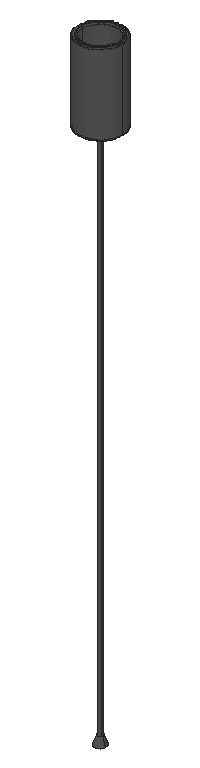
Revit family "CARLO CYLINDER LIGHT Pendant_ Surface", category Lighting Fixtures, host Face, Revit 2020 (continued)
Types (13): name | Wattage_Input | Wattage Comments | Wattage | built-in parameter 1150134 | Size 08 | Size 04 | Photometric Web File | built-in parameter 1150142 | Model | built-in parameter 1150105 | Lumens | built-in parameter 1150107 | built-in parameter 1150106 | Fixture Height | Fixture Diameter | BEAMING ANGLE | Apparent Load
    7877 8.9532 \r\n 9.1145 9.2517 9.3767 9.4854 9.5699 9.6259 9.6499 9.6497 9.6334 9.5968 \r\n 9.5359 9.4549 9.3539 9.249 9.1481 9.0556 8.9916 8.9757 8.9802 9.0287 \r\n 9.2385 \r\n6620.4 6512.7 6337.3 6096.8 5769.4 5375.5 4936.1 4466.6 3990.5 3530.3 \r\n 3082.6 2655.5 2275.3 1953.2 1673.2 1442 1245 1106.6 968.85 870.12 \r\n 798 744.97 703.26 672.02 648.04 628.81 613.25 602.39 593.76 586.82 \r\n 579.71 570.95 562.87 546.78 535.14 520.34 494.26 456.89 411.01 360.96 \r\n 310.92 258.26 206.4 154.38 112.74 71.186 44.383 37.215 33.644 29.231 \r\n 26.16 23.416 21.105 18.898 16.684 14.213 11.945 9.6985 7.8503 6.0416 \r\n 4.5914 3.513 2.7998 2.271 1.8724 1.5956 1.3882 1.2658 1.1643 1.0951 \r\n 1.0141 0.96113 0.89652 0.83165 0.77882 0.71406 0.65722 0.60045 0.53162 0.47878 \r\n 0.41802 0.3572 0.29638 0.24375 0.19104 0.14234 0.097701 0.049082 0.00042468 0 \r\n 0 0 0 0 0 0 0 0 0 0 \r\n 0 0 0 0.0040221 0.016123 0.036335 0.068596 0.10103 0.12544 0.16182 \r\n 0.19429 0.24281 0.2794 0.33198 0.37665 0.42527 0.48198 0.53458 0.5913 0.6561 \r\n 0.72499 0.78589 0.86278 0.93178 1.0088 1.0938 1.179 1.2682 1.3692 1.4786 \r\n 1.5921 1.7337 1.8756 2.0336 2.2159 2.4064 2.6211 2.8521 3.1073 3.3668 \r\n 3.6537 3.9496 4.2657 4.594 4.9265 5.267 5.6036 5.9441 6.2727 6.593 \r\n 6.9013 7.1966 7.4725 7.7201 7.9594 8.1826 8.3815 8.5761 8.7547 8.917 \r\n 9.0752 9.2172 9.3427 9.4483 9.5336 9.5907 9.6394 9.6599 9.6561 9.6561 \r\n 9.5998 9.5148 9.4055 9.2924 9.1748 9.0813 9.0121 8.9834 8.9791 8.9952 \r\n 9.2385 \r\n6620.4 6527.5 6352.6 6114.2 5796.5 5411.3 4977.4 4516.1 4039.7 3576.4 \r\n 3129.5 2708.5 2319.2 1988.7 1717.6 1478.2 1278.2 1132.8 988.14 888.06 \r\n 811.76 753.51 712.13 679.48 654.33 634.41 619.95 607.71 598.43 590.08 \r\n 583.94 576.35 568.15 550.54 536.99 522.64 497.14 461.98 417.44 368.86 \r\n 318.62 263.94 213.63 161.03 119.67 78.454 51.126 40.2 34.504 29.367 \r\n 26.336 23.333 21.212 18.927 16.952 14.613 12.095 9.8084 7.9665 6.1841 \r\n 4.7072 3.6588 2.8811 2.3213 1.8931 1.6225 1.4125 1.2851 1.1938 1.1186 \r\n 1.0435 0.9802 0.91716 0.85785 0.79468 0.73537 0.68002 0.6169 0.55759 0.49051 \r\n 0.42726 0.37186 0.31264 0.26134 0.20218 0.15462 0.10331 0.059757 0.00068001 0 \r\n 0 0 0 0 0 0 0 0 0 0 \r\n 0 0 0 0.0039081 0.023495 0.051069 0.07865 0.11801 0.14581 0.18127 \r\n 0.22854 0.26814 0.31937 0.37073 0.42209 0.47736 0.53267 0.59563 0.65494 0.722 \r\n 0.78526 0.85628 0.92349 1.0024 1.0814 1.1721 1.2552 1.3499 1.4561 1.5745 \r\n 1.7125 1.8547 2.0087 2.1823 2.3834 2.5966 2.8295 3.0783 3.3545 3.6428 \r\n 3.946 4.2658 4.5898 4.9332 5.2692 5.605 5.9447 6.2766 6.6007 6.909 \r\n 7.2016 7.4619 7.7305 7.964 8.1776 8.3753 8.5533 8.7194 8.8775 9.016 \r\n 9.1504 9.2808 9.3874 9.4941 9.5773 9.6525 9.7041 9.7282 9.7402 9.7442 \r\n 9.7286 9.6659 9.591 9.5083 9.4214 9.354 9.2908 9.2588 9.2467 9.2778 \r\n 9.2385 \r\n6620.4 6571.8 6435.9 6225.7 5944.7 5596 5176.2 4733.5 4270.5 3802.5 \r\n 3358.2 2926.8 2546.2 2166.2 1859.5 1600 1382.6 1195 1048.4 937.28 \r\n 848.12 782.31 732.11 692.81 665 640.51 624.58 611.63 600.37 591.92 \r\n 585.61 578.08 570.06 553.92 540.64 527.13 506.76 475.71 434.54 388.44 \r\n 336.74 286.7 234.16 181.66 133.74 92.893 61.981 43.226 37.835 32.938 \r\n 29.153 25.077 21.865 19.643 17.539 15.221 13.115 10.542 8.5921 6.7866 \r\n 5.2365 4.0597 3.2272 2.593 2.1026 1.7459 1.4961 1.3139 1.1988 1.1037 \r\n 1.0321 0.95687 0.90897 0.83764 0.78587 0.7225 0.66288 0.59931 0.53577 0.47617 \r\n 0.41654 0.353 0.29344 0.23785 0.1862 0.13447 0.075154 0.031539 0 0 \r\n 0 0 0 0 0 0 0 0 0 0 \r\n 0.000063 0.0081069 0.027939 0.043798 0.055788 0.075763 0.10751 0.13544 0.17509 0.20688 \r\n 0.25058 0.29432 0.34196 0.38574 0.43742 0.49305 0.54871 0.6083 0.66794 0.73151 \r\n 0.79494 0.86251 0.93406 1.0096 1.0891 1.1725 1.2559 1.3396 1.4469 1.5583 \r\n 1.6855 1.8128 1.9635 2.1266 2.3174 2.5161 2.727 2.9734 3.22 3.5022 \r\n 3.7924 4.0984 4.4165 4.7533 5.0909 5.4209 5.7743 6.1081 6.4457 6.7634 \r\n 7.0652 7.3551 7.6251 7.8831 8.1089 8.3232 8.5138 8.6925 8.8593 9.0142 \r\n 9.1572 9.3 9.4191 9.5223 9.6215 9.7045 9.7639 9.7875 9.7874 9.7753 \r\n 9.7394 9.6875 9.6121 9.5365 9.4572 9.3897 9.3307 9.3308 9.339 9.3784 \r\n 9.2385 \r\n6620.4 6599.8 6479.4 6286.8 6031.4 5701.1 5309.3 4879.8 4420.5 3960.7 \r\n 3508.5 3072.4 2652.2 2269.5 1956.7 1681.2 1446.1 1249.1 1107.1 965.73 \r\n 871.15 798.49 744.75 702.73 669.82 645.33 626.44 612.96 601.86 591.65 \r\n 584.02 576.77 569.22 553.98 540.51 527.01 510.97 479.7 439.23 393.76 \r\n 341.75 292.02 238.93 189.14 139.31 101.01 62.843 43.449 36.996 32.016 \r\n 27.044 23.886 21.389 19.203 17.23 15.181 12.713 10.539 8.5825 6.8963 \r\n 5.2723 4.1455 3.257 2.6118 2.1233 1.7825 1.5184 1.3616 1.2376 1.1336 \r\n 1.0654 0.98974 0.94566 0.87816 0.82217 0.76238 0.70255 0.64272 0.57894 0.52301 \r\n 0.45928 0.39546 0.33953 0.2799 0.22007 0.176 0.1203 0.072341 0.024476 0.00026878 \r\n 0 0 0 0 0 0 0 0 0 0 \r\n 0 0 0 0 0.0078933 0.027714 0.055479 0.079461 0.12309 0.15121 \r\n 0.19489 0.23483 0.2826 0.33047 0.38228 0.43808 0.48603 0.54951 0.60545 0.67312 \r\n 0.73698 0.8008 0.87251 0.94825 1.028 1.1038 1.1914 1.2713 1.3745 1.4861 \r\n 1.6096 1.7372 1.8884 2.04 2.2231 2.4185 2.6257 2.8608 3.1158 3.3751 \r\n 3.6533 3.9601 4.2751 4.6099 4.945 5.284 5.6152 5.9581 6.2853 6.6084 \r\n 6.9157 7.2063 7.4817 7.7372 7.9649 8.1805 8.3801 8.5559 8.7196 8.8752 \r\n 9.0268 9.1626 9.286 9.3979 9.4859 9.5658 9.6337 9.6897 9.6943 9.6983 \r\n 9.7023 9.6589 9.5993 9.5199 9.4598 9.3803 9.332 9.2842 9.26 9.2597 \r\n 9.2385 \r\n6620.4 6641.8 6555.3 6380.5 6148.4 5865.4 5505.4 5100.8 4666.8 4193.7 \r\n 3739.2 3295.9 2855.5 2471.7 2124 1820.2 1565 1342.5 1166.9 1023.6 \r\n 912.2 830.23 768.66 720.64 685.85 656.39 633.22 616.73 604.49 593.05 \r\n 583.94 577.26 569.85 556.11 542.4 530.69 516.17 491.11 453.1 406.19 \r\n 354.38 305.28 253.57 201.85 149.01 104.97 68.792 45.359 37.114 31.433 \r\n 26.6 23.608 21.494 19.48 17.317 15.233 13.004 11.028 9.024 7.2987 \r\n 5.7075 4.4565 3.5096 2.8221 2.2799 1.892 1.5963 1.3845 1.2445 1.1288 \r\n 1.0606 0.98468 0.92857 0.8684 0.80046 0.74853 0.69642 0.64021 0.56827 0.51606 \r\n 0.44796 0.37986 0.31191 0.25972 0.19578 0.14767 0.095797 0.051702 0.0039738 0 \r\n 0 0 0 0 0 0 0 0 0 0 \r\n 0 0.000066 0.0081109 0.020198 0.040263 0.064298 0.088333 0.11248 0.14854 0.18446 \r\n 0.21663 0.2647 0.3127 0.35286 0.4049 0.45308 0.51313 0.56925 0.62934 0.68946 \r\n 0.75341 0.82151 0.88964 0.96181 1.0419 1.1181 1.2062 1.2944 1.3826 1.4869 \r\n 1.5992 1.7314 1.8634 2.0198 2.1921 2.3765 2.5731 2.8054 3.0381 3.3025 \r\n 3.5711 3.8677 4.1762 4.492 4.8285 5.1689 5.5054 5.842 6.1902 6.5067 \r\n 6.819 7.1194 7.4114 7.6637 7.9113 8.1434 8.3476 8.5357 8.704 8.8721 \r\n 9.0243 9.1764 9.3124 9.4324 9.5285 9.6203 9.7002 9.7518 9.7518 9.7518 \r\n 9.7435 9.7073 9.655 9.5789 9.5029 9.4388 9.3708 9.3192 9.2993 9.2993 \r\n 9.2385 \r\n6620.4 6652.3 6568 6397.9 6165.2 5903.7 5559.2 5163.1 4721.7 4267.2 \r\n 3801.1 3347.9 2919.3 2515.1 2160.6 1844.2 1583.4 1360.8 1169.9 1045.3 \r\n 921.53 833.22 773.31 723.13 684.52 655.37 632.32 615.14 601.04 590.77 \r\n 580.93 573.35 566.01 548.86 536.53 525.2 512.07 487.51 449.01 404.05 \r\n 349.99 300.35 242.91 192.15 141.99 103.46 65.068 44.767 37.827 31.722 \r\n 26.838 23.61 21.413 19.408 17.365 15.227 13.059 10.995 9.1181 7.4182 \r\n 5.8075 4.5112 3.5 2.7541 2.2137 1.8503 1.6001 1.4108 1.2975 1.1891 \r\n 1.1165 1.0402 0.99191 0.93581 0.86771 0.81137 0.74723 0.69094 0.6268 0.56257 \r\n 0.49834 0.43808 0.3739 0.30984 0.24561 0.19724 0.14511 0.096885 0.05268 0.00058608 \r\n 0 0 0 0 0 0 0 0 0 0 \r\n 0 0 0 0 0 0.015892 0.043795 0.06793 0.10788 0.13612 \r\n 0.18009 0.22028 0.26042 0.31644 0.3647 0.42082 0.46908 0.52504 0.5852 0.64938 \r\n 0.70965 0.7778 0.84604 0.92222 1.0025 1.0788 1.163 1.2433 1.3432 1.4436 \r\n 1.5637 1.6881 1.8245 1.9848 2.1453 2.3377 2.5383 2.7589 3.0114 3.2643 \r\n 3.5364 3.8371 4.1461 4.475 4.8002 5.1373 5.4666 5.8116 6.141 6.4582 \r\n 6.7793 7.0719 7.357 7.6222 7.8594 8.0962 8.2894 8.4821 8.6549 8.8156 \r\n 8.9762 9.1249 9.2611 9.3857 9.4903 9.5788 9.6553 9.7117 9.752 9.7644 \r\n 9.7645 9.7645 9.7089 9.6291 9.5409 9.4605 9.3802 9.3078 9.2633 9.2589 \r\n 9.2385 \r\n" | "CCL4-12-20SPSW8-25-PSM-BK" | 1943.7 (stored number, unit not read) | 1700 lm | 2700 (stored number, unit not read) | 19.437 (stored number, unit not read) | 1' - 0" | 0' - 4" | 25.00° | 20 VA
